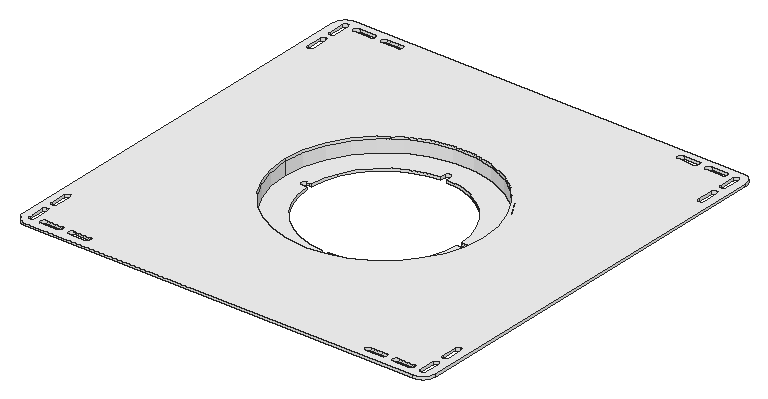
Revit family "MH-BP", category Plumbing Fixtures, host Face, Revit 2018
Family settings
  Host = Face
  Round Connector Dimension = Use Radius
  Part Type = Normal
  Cut with Voids When Loaded = No
  Shared = No
  Room Calculation Point = No
Parameters (values of type "MH-600-BP")
  Width = 2' - 9"
  WFU = 0
  URL = "WWW.MIFAB.COM"
  Model = "MH-600-BP"
  Manufacturer = "MIFAB"
  Height = 2' - 9"
  Floor Drain Material = Paint - Sherwin Williams Paint - #952C2A - Bellwood Red
  Diameter = 1' - 0"
  Description = "SIPHONIC BEARING PAN"
  Default Elevation = 0' - 0"
  CWFU = 0
  Assembly Code = ""
Types (4): name | Width | Model | Height
  (no name) | 2' - 9" | "MH-600-BP" | 2' - 9"
  MH-300-BP | 2' - 0" | "MH-300-BP" | 2' - 0"
  MH-400-500-BP | 2' - 3" | "MH-400-500-BP" | 2' - 3"
  MH-600-BP | 2' - 9" | "MH-600-BP" | 2' - 9"
Reference planes (in)
  plane 1 "Center (Front/Back)": y = 0
  plane 2: z = 0
  plane 3 "Center (Left/Right)": x = 0
  plane 4: x = -16.5
  plane 5: x = 16.5
  plane 6: y = 16.5
  plane 7: y = -16.5
  plane 8: z = -0.19685
  plane 9: z = -1.19685
  plane 10: z = -1.39216
Forms (in)
  Extrusion 1, solid, material "Paint - Sherwin Williams Paint - #952C2A - Bellwood Red" <- "Floor Drain Material"
    sketch origin (0, 0, 0) x (1, 0, 0) y (0, 1, 0)
      loop
        arc (-15.5, 16.5) -> (-16.20711, 16.20711) -> (-16.5, 15.5) r 1
        line (-16.5, 15.5) -> (-16.5, -15.5)
        arc (-16.5, -15.5) -> (-16.20711, -16.20711) -> (-15.5, -16.5) r 1
        line (-15.5, -16.5) -> (15.5, -16.5)
        arc (15.5, -16.5) -> (16.20711, -16.20711) -> (16.5, -15.5) r 1
        line (16.5, -15.5) -> (16.5, 15.5)
        arc (16.5, 15.5) -> (16.20711, 16.20711) -> (15.5, 16.5) r 1
        line (15.5, 16.5) -> (-15.5, 16.5)
      loop
        circle (0, 0) r 8
    from -0.19685 to 0
  Extrusion 2, void
    sketch origin (-0.3125, 0.6875, 0) x (1, 0, 0) y (0, 1, 0)
      loop
        arc (-15.60636, 13.73509) -> (-15.35636, 13.48509) -> (-15.10636, 13.73509) r 0.25
        line (-15.10636, 13.73509) -> (-15.10636, 14.98136)
        arc (-15.10636, 14.98136) -> (-15.35636, 15.23136) -> (-15.60636, 14.98136) r 0.25
        line (-15.60636, 14.98136) -> (-15.60636, 13.73509)
      loop
        arc (-15.60636, 11.50884) -> (-15.35636, 11.25884) -> (-15.10636, 11.50884) r 0.25
        line (-15.10636, 11.50884) -> (-15.10636, 12.7551)
        arc (-15.10636, 12.7551) -> (-15.35636, 13.0051) -> (-15.60636, 12.7551) r 0.25
        line (-15.60636, 12.7551) -> (-15.60636, 11.50884)
      loop
        arc (-13.1699, 14.73136) -> (-12.9199, 14.98136) -> (-13.1699, 15.23136) r 0.25
        line (-13.1699, 15.23136) -> (-14.41617, 15.23136)
        arc (-14.41617, 15.23136) -> (-14.66617, 14.98136) -> (-14.41617, 14.73136) r 0.25
        line (-14.41617, 14.73136) -> (-13.1699, 14.73136)
      loop
        arc (-10.94365, 14.73136) -> (-10.69365, 14.98136) -> (-10.94365, 15.23136) r 0.25
        line (-10.94365, 15.23136) -> (-12.18991, 15.23136)
        arc (-12.18991, 15.23136) -> (-12.43991, 14.98136) -> (-12.18991, 14.73136) r 0.25
        line (-12.18991, 14.73136) -> (-10.94365, 14.73136)
      loop
        line (16.23136, 13.73509) -> (16.23136, 14.98136)
        arc (16.23136, 14.98136) -> (15.98136, 15.23136) -> (15.73136, 14.98136) r 0.25
        line (15.73136, 14.98136) -> (15.73136, 13.73509)
        arc (15.73136, 13.73509) -> (15.98136, 13.48509) -> (16.23136, 13.73509) r 0.25
      loop
        line (16.23136, 11.50884) -> (16.23136, 12.7551)
        arc (16.23136, 12.7551) -> (15.98136, 13.0051) -> (15.73136, 12.7551) r 0.25
        line (15.73136, 12.7551) -> (15.73136, 11.50884)
        arc (15.73136, 11.50884) -> (15.98136, 11.25884) -> (16.23136, 11.50884) r 0.25
      loop
        line (13.7949, 14.73136) -> (15.04117, 14.73136)
        arc (15.04117, 14.73136) -> (15.29117, 14.98136) -> (15.04117, 15.23136) r 0.25
        line (15.04117, 15.23136) -> (13.7949, 15.23136)
        arc (13.7949, 15.23136) -> (13.5449, 14.98136) -> (13.7949, 14.73136) r 0.25
      loop
        line (11.56865, 14.73136) -> (12.81491, 14.73136)
        arc (12.81491, 14.73136) -> (13.06491, 14.98136) -> (12.81491, 15.23136) r 0.25
        line (12.81491, 15.23136) -> (11.56865, 15.23136)
        arc (11.56865, 15.23136) -> (11.31865, 14.98136) -> (11.56865, 14.73136) r 0.25
      loop
        line (-15.60636, -15.11009) -> (-15.60636, -16.35636)
        arc (-15.60636, -16.35636) -> (-15.35636, -16.60636) -> (-15.10636, -16.35636) r 0.25
        line (-15.10636, -16.35636) -> (-15.10636, -15.11009)
        arc (-15.10636, -15.11009) -> (-15.35636, -14.86009) -> (-15.60636, -15.11009) r 0.25
      loop
        line (-15.60636, -12.88384) -> (-15.60636, -14.1301)
        arc (-15.60636, -14.1301) -> (-15.35636, -14.3801) -> (-15.10636, -14.1301) r 0.25
        line (-15.10636, -14.1301) -> (-15.10636, -12.88384)
        arc (-15.10636, -12.88384) -> (-15.35636, -12.63384) -> (-15.60636, -12.88384) r 0.25
      loop
        line (-13.1699, -16.10636) -> (-14.41617, -16.10636)
        arc (-14.41617, -16.10636) -> (-14.66617, -16.35636) -> (-14.41617, -16.60636) r 0.25
        line (-14.41617, -16.60636) -> (-13.1699, -16.60636)
        arc (-13.1699, -16.60636) -> (-12.9199, -16.35636) -> (-13.1699, -16.10636) r 0.25
      loop
        line (-10.94365, -16.10636) -> (-12.18991, -16.10636)
        arc (-12.18991, -16.10636) -> (-12.43991, -16.35636) -> (-12.18991, -16.60636) r 0.25
        line (-12.18991, -16.60636) -> (-10.94365, -16.60636)
        arc (-10.94365, -16.60636) -> (-10.69365, -16.35636) -> (-10.94365, -16.10636) r 0.25
      loop
        arc (16.23136, -15.11009) -> (15.98136, -14.86009) -> (15.73136, -15.11009) r 0.25
        line (15.73136, -15.11009) -> (15.73136, -16.35636)
        arc (15.73136, -16.35636) -> (15.98136, -16.60636) -> (16.23136, -16.35636) r 0.25
        line (16.23136, -16.35636) -> (16.23136, -15.11009)
      loop
        arc (16.23136, -12.88384) -> (15.98136, -12.63384) -> (15.73136, -12.88384) r 0.25
        line (15.73136, -12.88384) -> (15.73136, -14.1301)
        arc (15.73136, -14.1301) -> (15.98136, -14.3801) -> (16.23136, -14.1301) r 0.25
        line (16.23136, -14.1301) -> (16.23136, -12.88384)
      loop
        arc (13.7949, -16.10636) -> (13.5449, -16.35636) -> (13.7949, -16.60636) r 0.25
        line (13.7949, -16.60636) -> (15.04117, -16.60636)
        arc (15.04117, -16.60636) -> (15.29117, -16.35636) -> (15.04117, -16.10636) r 0.25
        line (15.04117, -16.10636) -> (13.7949, -16.10636)
      loop
        arc (11.56865, -16.10636) -> (11.31865, -16.35636) -> (11.56865, -16.60636) r 0.25
        line (11.56865, -16.60636) -> (12.81491, -16.60636)
        arc (12.81491, -16.60636) -> (13.06491, -16.35636) -> (12.81491, -16.10636) r 0.25
        line (12.81491, -16.10636) -> (11.56865, -16.10636)
    from -0.19685 to 0
  Extrusion 3, void
    sketch origin (0, 0, 0) x (1, 0, 0) y (0, 1, 0)
      loop
        arc (-15.5, 16.5) -> (-16.20711, 16.20711) -> (-16.5, 15.5) r 1
        line (-16.5, 15.5) -> (-16.5, -15.5)
        arc (-16.5, -15.5) -> (-16.20711, -16.20711) -> (-15.5, -16.5) r 1
        line (-15.5, -16.5) -> (15.5, -16.5)
        arc (15.5, -16.5) -> (16.20711, -16.20711) -> (16.5, -15.5) r 1
        line (16.5, -15.5) -> (16.5, 15.5)
        arc (16.5, 15.5) -> (16.20711, 16.20711) -> (15.5, 16.5) r 1
        line (15.5, 16.5) -> (-15.5, 16.5)
    from -0.19685 to 0
  Extrusion 4, solid, material "Paint - Sherwin Williams Paint - #952C2A - Bellwood Red" <- "Floor Drain Material"
    sketch origin (0, 0, -1) x (1, 0, 0) y (0, 1, 0)
      loop
        arc (-0.25, 5.99479) -> (-4.24264, 4.24264) -> (-5.99479, 0.25) r 6
        line (-5.99479, 0.25) -> (-6.37195, 0.25)
        arc (-6.37195, 0.25) -> (-6.62195, 0) -> (-6.37195, -0.25) r 0.25
        line (-6.37195, -0.25) -> (-5.99479, -0.25)
        arc (-5.99479, -0.25) -> (-4.24264, -4.24264) -> (-0.25, -5.99479) r 6
        line (-0.25, -5.99479) -> (-0.25, -6.37195)
        arc (-0.25, -6.37195) -> (0, -6.62195) -> (0.25, -6.37195) r 0.25
        line (0.25, -6.37195) -> (0.25, -5.99479)
        arc (0.25, -5.99479) -> (4.24264, -4.24264) -> (5.99479, -0.25) r 6
        line (5.99479, -0.25) -> (6.37195, -0.25)
        arc (6.37195, -0.25) -> (6.62195, 0) -> (6.37195, 0.25) r 0.25
        line (6.37195, 0.25) -> (5.99479, 0.25)
        arc (5.99479, 0.25) -> (4.24264, 4.24264) -> (0.25, 5.99479) r 6
        line (0.25, 5.99479) -> (0.25, 6.37195)
        arc (0.25, 6.37195) -> (0, 6.62195) -> (-0.25, 6.37195) r 0.25
        line (-0.25, 6.37195) -> (-0.25, 5.99479)
      loop
        circle (0, 0) r 8.19531
    from -0.39216 to -0.19685
  Extrusion 5, solid, material "Paint - Sherwin Williams Paint - #952C2A - Bellwood Red" <- "Floor Drain Material"
    sketch origin (0, 0, 0) x (1, 0, 0) y (0, 1, 0)
      loop
        circle (0, 0) r 8
      loop
        circle (0, 0) r 8.19531
    from -1.19685 to -0.19685
Cuts and joins
  Extrusion 2 cuts Extrusion 1
  joined: Extrusion 1, Extrusion 4, Extrusion 5
Lines and regions (in)
  model lines, not visible
    curve 1: line (6.7156, 0, 9.07611) -> (12.5156, 0, 9.07611)
    curve 2: line (12.5156, 0, 9.07611) -> (12.5156, 0, 10.82611)
    curve 3: line (12.5156, 0, 10.82611) -> (6.7156, 0, 10.82611)
    curve 4: line (6.7156, 0, 10.82611) -> (6.7156, 0, 9.07611)
    curve 5: line (7.13163, 0, 10.86539) -> (7.13163, 0, 12.86539)
    curve 6: line (7.13163, 0, 12.86539) -> (15.53163, 0, 12.86539)
    curve 7: line (15.53163, 0, 12.86539) -> (15.53163, 0, 10.86539)
    curve 8: line (11.33163, 0, 12.86539) -> (11.33163, 0, 12.36539)
    curve 9: line (10.38306, 10.17879, 0) -> (10.38306, 12.67879, 0)
    curve 10: line (10.38306, 12.67879, 0) -> (20.88306, 12.67879, 0)
    curve 11: line (20.88306, 12.67879, 0) -> (20.88306, 10.17879, 0)
    curve 12: line (15.63306, 12.67879, 0) -> (15.63306, 10.92879, 0)
    curve 13: line (10.06912, 0, 4.67543) -> (10.06912, 0, 6.92543)
    curve 14: line (10.06912, 0, 6.92543) -> (-0.26488, 0, 6.92543)
    curve 15: line (-0.26488, 0, 6.92543) -> (-0.26488, 0, 4.42543)
    curve 16: line (10.75678, 9.64709, 0) -> (10.75678, 10.89709, 0)
    curve 17: line (10.75678, 10.89709, 0) -> (15.25678, 10.89709, 0)
    curve 18: line (15.25678, 10.89709, 0) -> (15.25678, 9.64709, 0)
    curve 19: line (13.00678, 10.89709, 0) -> (13.00678, 10.14709, 0)
    curve 20: line (6.88273, 9.30587, 0) -> (6.88273, 10.55587, 0)
    curve 21: line (6.88273, 10.55587, 0) -> (20.08273, 10.55587, 0)
    curve 22: line (20.08273, 10.55587, 0) -> (20.08273, 9.30587, 0)
    curve 23: line (13.48273, 10.55587, 0) -> (13.48273, 9.80587, 0)
    curve 24: line (16.96132, 12.87513, 0) -> (16.96132, 15.37513, 0)
    curve 25: line (16.96132, 15.37513, 0) -> (27.46132, 15.37513, 0)
    curve 26: line (27.46132, 15.37513, 0) -> (27.46132, 12.87513, 0)
    curve 27: line (22.21132, 15.37513, 0) -> (22.21132, 14.12513, 0)
    curve 28: line (4.80401, 26.27015, 0) -> (4.80401, 28.52015, 0)
    curve 29: line (4.80401, 28.52015, 0) -> (15.86651, 28.52015, 0)
    curve 30: line (15.86651, 28.52015, 0) -> (15.86651, 26.27015, 0)
    curve 31: line (10.33526, 28.52015, 0) -> (10.33526, 27.02015, 0)
    curve 32: line (4.80401, 26.27015, 0) -> (4.80401, 28.52015, 0)
    curve 33: line (4.80401, 28.52015, 0) -> (9.80401, 28.52015, 0)
    curve 34: line (9.80401, 28.52015, 0) -> (9.80401, 26.27015, 0)
    curve 35: line (7.30401, 28.52015, 0) -> (7.30401, 27.02015, 0)
    curve 36: line (4.30401, 26.27015, 0) -> (4.30401, 28.52015, 0)
    curve 37: line (4.30401, 28.52015, 0) -> (10.30401, 28.52015, 0)
    curve 38: line (10.30401, 28.52015, 0) -> (10.30401, 26.27015, 0)
    curve 39: line (7.30401, 28.52015, 0) -> (7.30401, 27.02015, 0)
    curve 40: line (10.02403, 24.13739, 0) -> (10.02403, 27.63739, 0)
    curve 41: line (10.02403, 27.63739, 0) -> (16.39403, 27.63739, 0)
    curve 42: line (16.39403, 27.63739, 0) -> (16.39403, 24.13739, 0)
    curve 43: line (13.20903, 27.63739, 0) -> (13.20903, 25.88739, 0)
Dimensions and locks (in)
  equal spacing: plane 4, plane 3 "Center (Left/Right)", plane 5
  "Width": plane 4 to plane 5
  equal spacing: plane 7, plane 1 "Center (Front/Back)", plane 6
  "Height": plane 6 to plane 7
  locked: level to plane 8 at 0.19685
  locked: plane 6 to Extrusion 2 sketch curve at 0.83114  (x2)
  locked: plane 4 to Extrusion 2 sketch curve at 0.83114  (x2)
  locked: Extrusion 2 sketch curve to plane 5 at 0.83114  (x2)
  locked: plane 7 to Extrusion 2 sketch curve at 0.83114  (x2)
  locked: plane 9 to plane 10 at 0.19531
  plane 8 to plane 9 = 0' - 1"
  "Diameter": diameter of Extrusion 4 sketch curve
  aligned and locked: plane 2 to host face
  aligned and locked: level to host face
  aligned and locked: level to Extrusion 1
  aligned and locked: Extrusion 1 sketch curve to plane 6
  aligned and locked: Extrusion 1 sketch curve to plane 5
  aligned and locked: plane 7 to Extrusion 1 sketch curve
  aligned and locked: Extrusion 1 sketch curve to plane 4
  aligned and locked: Extrusion 1 to plane 8
  aligned and locked: Extrusion 1 to Extrusion 2
  aligned and locked: level to Extrusion 2
  aligned and locked: Extrusion 3 to plane 8
  aligned and locked: level to Extrusion 3
  aligned and locked: plane 8 to Extrusion 5
  aligned and locked: Extrusion 4 to plane 10
  aligned and locked: plane 9 to Extrusion 4
  aligned and locked: Extrusion 5 to plane 9
  aligned and locked: Extrusion 4 sketch curve to Extrusion 5  (x2)
Automatic sketch dimensions
  curve 36 to curve 38 = 0' - 6"
  curve 39 to curve 37 = 0' - 3"
  curve 39 to curve 39 = 0' - 1 1/2"
  curve 36 to curve 36 = 0' - 2 1/4"
  curve 38 to curve 37 = 0' - 2 1/4"
  curve 32 to curve 34 = 0' - 5"
  curve 35 to curve 33 = 0' - 2 1/2"
  curve 35 to curve 35 = 0' - 1 1/2"
  curve 32 to curve 32 = 0' - 2 1/4"
  curve 34 to curve 33 = 0' - 2 1/4"
  curve 5 to curve 7 = 0' - 8.4"
  curve 5 to curve 8 = 0' - 4.2"
  curve 8 to curve 8 = 0' - 0 1/2"
  curve 5 to curve 5 = 0' - 2"
  curve 7 to curve 6 = 0' - 2"
  host sketch curve to host sketch curve = 8' - 0"  (x2)
  Extrusion 1 sketch curve to Extrusion 1 sketch curve = 0' - 0"  (x2)
  plane 1 "Center (Front/Back)" to Extrusion 1 sketch curve = 0' - 0"
  Extrusion 1 sketch curve to plane 3 "Center (Left/Right)" = 0' - 0"
  Extrusion 1 sketch curve to Extrusion 1 sketch curve = 0' - 1"
  Extrusion 1 sketch curve to plane 4 = 0' - 1"
  Extrusion 1 sketch curve to plane 5 = 0' - 1"  (x2)
  Extrusion 1 sketch curve to Extrusion 1 sketch curve = 0' - 8"
  Extrusion 2 sketch curve to Extrusion 2 sketch curve = 0' - 0 1/4"  (x14)
  Extrusion 2 sketch curve to plane 4 = 0' - 0.58114"  (x2)
  Extrusion 2 sketch curve to Extrusion 2 sketch curve = 0' - 0.69019"  (x2)
  Extrusion 2 sketch curve to Extrusion 2 sketch curve = 0' - 1.24627"  (x11)
  Extrusion 2 sketch curve to plane 7 = 0' - 0.58114"  (x4)
  Extrusion 2 sketch curve to Extrusion 2 sketch curve = 0' - 0.97999"  (x8)
  Extrusion 2 sketch curve to plane 6 = 0' - 0.58114"  (x2)
  Extrusion 2 sketch curve to plane 6 = 0' - 0.83114"
  Extrusion 2 sketch curve to Extrusion 2 sketch curve = 0' - 4.41271"  (x2)
  Extrusion 2 sketch curve to Extrusion 2 sketch curve = 0' - 0.94019"  (x2)
  Extrusion 2 sketch curve to Extrusion 2 sketch curve = 0' - 0"  (x3)
  Extrusion 2 sketch curve to Extrusion 2 sketch curve = 0' - 0.99627"
  Extrusion 2 sketch curve to Extrusion 2 sketch curve = 0' - 3.47252"  (x2)
  Extrusion 2 sketch curve to Extrusion 2 sketch curve = 0' - 0 1/2"  (x2)
  Extrusion 5 sketch curve to Extrusion 5 sketch curve = 0' - 0"  (x2)
  Extrusion 5 sketch curve to Extrusion 5 sketch curve = 0' - 0 25/128"
  Extrusion 4 sketch curve to Extrusion 4 sketch curve = 0' - 0"  (x11)
  plane 1 "Center (Front/Back)" to Extrusion 4 sketch curve = 0' - 0"  (x2)
  Extrusion 4 sketch curve to plane 3 "Center (Left/Right)" = 0' - 0"  (x2)
  Extrusion 4 sketch curve to plane 3 "Center (Left/Right)" = 0' - 0 1/4"  (x2)
  plane 1 "Center (Front/Back)" to Extrusion 4 sketch curve = 0' - 0 1/4"
  Extrusion 4 sketch curve to Extrusion 4 sketch curve = 0' - 0.37716"  (x4)
  Extrusion 4 sketch curve to plane 1 "Center (Front/Back)" = 0' - 0 1/4"
